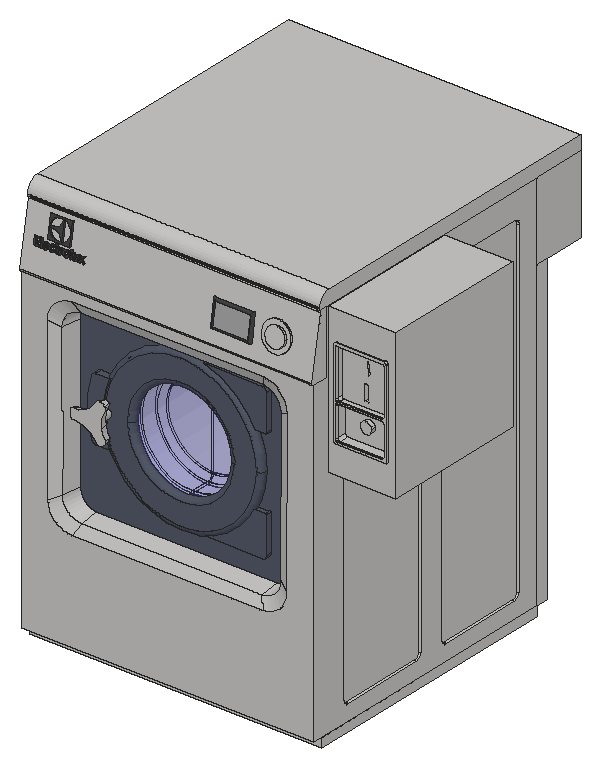
Revit family "Wh6-6", category Attrezzature speciali, Revit 2014
Parameters
  Show Logo [instance] = yes
  Show Clearance [instance] = yes
  Manufacturer = ""
  Model = ""
  Description = ""
Reference planes
  plane 1: z = 0
  plane 2 "BACK": y = 372.8
  plane 3 "FRONT": y = -306.9
  plane 4 "LEFT": x = -799
  plane 5 "RIGHT": x = -64
  plane 6 "TOP": z = 830.2
Forms (mm)
  Extrusion 1, solid, material "QF_Finishes_Stainless Steel"
    sketch origin (0, 0, 0) x (1, 0, 0) y (0, 1, 0)
      loop
        line (-799, 261.1) -> (-799, -286.9) -> (-204, -286.9) -> (-204, 261.1) -> (-799, 261.1)
    from 0 to 20
  Extrusion 2, solid, material "QF_Finishes_Stainless Steel"
    sketch origin (718.1, -398.1, 598.796) x (0, 0, -1) y (0, 1, 0)
      loop
        line (578.796, 659.2) -> (-201.404, 659.2) -> (-201.404, 122.184) -> (-73.404, 122.184) -> (-73.404, 91.2) -> (578.796, 91.2) -> (578.796, 659.2)
    from -1517.1 to -922.1
  Extrusion 3, solid, material "QF_Finishes_Stainless Steel"
    sketch origin (718.1, -413.1, 314.696) x (0, 0, -1) y (0, 1, 0)
      loop
        line (-485.504, 785.9) -> (-515.504, 785.9) -> (-515.504, 147.6)
        arc (-515.504, 147.6) -> (-508.182, 129.923) -> (-490.504, 122.6) r 25
        line (-490.504, 122.6) -> (-488.385, 122.6)
        arc (-488.385, 122.6) -> (-486.348, 123.444) -> (-485.504, 125.481) r 2.881
        line (-485.504, 125.481) -> (-485.504, 785.9)
    from -1517.1 to -922.1
  Extrusion 4, solid, material "QF_Finishes_Stainless Steel"
    sketch origin (718.1, -398.1, 598.796) x (0, 0, -1) y (0, 1, 0)
      loop
        line (-43.022, 659.2) -> (-43.022, 770.9) -> (-201.404, 770.9) -> (-201.404, 659.2) -> (-43.022, 659.2)
    from -1517.1 to -922.1
  Blend 5, solid, material "QF_Finishes_Stainless Steel"
    base sketch origin (655.734, 372.8, -65.972) x (0, 0, 1) y (1, 0, 0)
      loop
        circle (514, -1157.1) r 168
    top sketch origin (655.734, 372.8, -65.972) x (0, 0, 1) y (1, 0, 0)
      loop
        circle (514, -1157.1) r 93
    from -86.7 to -46.82
  Blend 6, void
    base sketch origin (1799, -398.1, 640.994) x (0, 0, -1) y (1, 0, 0)
      loop
        arc (17.312, -2485.479) -> (27.287, -2508.58) -> (50.413, -2518.496) r 34
        arc (50.413, -2518.496) -> (204.152, -2520.341) -> (357.882, -2517.867) r 5474
        arc (357.882, -2517.867) -> (380.921, -2507.903) -> (390.844, -2484.847) r 34
        arc (390.844, -2484.847) -> (393.46, -2300.5) -> (390.844, -2116.153) r 6496.247
        arc (390.844, -2116.153) -> (380.921, -2093.097) -> (357.882, -2083.133) r 34
        arc (357.882, -2083.133) -> (204.152, -2080.659) -> (50.413, -2082.504) r 5474
        arc (50.413, -2082.504) -> (27.287, -2092.42) -> (17.312, -2115.521) r 34
        arc (17.312, -2115.521) -> (14.669, -2300.5) -> (17.312, -2485.479) r 6474
    top sketch origin (1799, -398.1, 640.994) x (0, 0, -1) y (1, 0, 0)
      loop
        arc (11.708, -2485.254) -> (23.444, -2512.433) -> (50.653, -2524.1) r 40
        arc (50.653, -2524.1) -> (204.164, -2525.936) -> (357.666, -2523.471) r 5479.595
        arc (357.666, -2523.471) -> (384.773, -2511.748) -> (396.448, -2484.622) r 40
        arc (396.448, -2484.622) -> (399.055, -2300.5) -> (396.448, -2116.378) r 6501.842
        arc (396.448, -2116.378) -> (384.773, -2089.252) -> (357.666, -2077.529) r 40
        arc (357.666, -2077.529) -> (204.164, -2075.064) -> (50.653, -2076.9) r 5479.595
        arc (50.653, -2076.9) -> (23.444, -2088.567) -> (11.708, -2115.746) r 40
        arc (11.708, -2115.746) -> (9.074, -2300.5) -> (11.708, -2485.254) r 6479.595
    from -140.025 to -101.9
  Sweep 7, solid, material "QF_Finishes_Navy Blue"
    path origin (1799, -258.075, 640.994) x (0, 0, -1) y (1, 0, 0)
      loop
        circle (193.036, -2300.359) r 163.892
    profile origin (-665.252, -258.075, 447.958) x (0, -1, 0) y (1, 0, 0)
      loop
        arc (0, 1.34) -> (10, 1.34) -> (15, 10) r 10
        line (15, 10) -> (15, 55.1)
        arc (15, 55.1) -> (10, 63.76) -> (0, 63.76) r 10
        line (0, 63.76) -> (0, 1.34)
  Extrusion 8, void
    sketch origin (737.083, -398.1, 512.286) x (0, 0, -1) y (1, 0, 0)
      loop
        circle (64.327, -1238.437) r 157.984
    from -451.9 to -140.025
  Revolve 9, solid, material "QF_Finishes_Glass"
    sketch origin (-501.359, 0, -3.804) x (0, 1, 0) y (0, 0, 1)
      loop
        line (-258.075, 609.746) -> (-258.075, 569.065)
        arc (-258.075, 569.065) -> (-253.681, 558.458) -> (-243.075, 554.065) r 15
        line (-243.075, 554.065) -> (-203.798, 554.065)
        arc (-203.798, 554.065) -> (-196.727, 551.136) -> (-193.798, 544.065) r 10
        line (-193.798, 544.065) -> (-193.798, 451.762) -> (-188.798, 451.762) -> (-188.798, 544.065)
        arc (-188.798, 544.065) -> (-193.191, 554.672) -> (-203.798, 559.065) r 15
        line (-203.798, 559.065) -> (-243.075, 559.065)
        arc (-243.075, 559.065) -> (-250.146, 561.994) -> (-253.075, 569.065) r 10
        line (-253.075, 569.065) -> (-253.075, 609.746) -> (-258.075, 609.746)
      axis (-258.075, 451.762) -> (-188.798, 451.762)
    angle from 0 to 360
  Extrusion 10, solid, material "QF_Finishes_Navy Blue"
    sketch origin (1799, -398.1, 511.899) x (0, 0, 1) y (-1, 0, 0)
      loop
        arc (-138.662, 2129.17) -> (-137.249, 2129.757) -> (-136.663, 2131.17) r 2.001
        line (-136.663, 2131.17) -> (-136.665, 2160.109)
        arc (-136.665, 2160.109) -> (-193.941, 2210.588) -> (-220.858, 2282.03) r 157.984
        line (-220.858, 2282.03) -> (-220.845, 2137.124)
        arc (-220.845, 2137.124) -> (-218.488, 2131.494) -> (-212.847, 2129.164) r 8
        line (-212.847, 2129.164) -> (-138.662, 2129.17)
    from -140.025 to -130.025
  Extrusion 11, solid, material "QF_Finishes_Stainless Steel"
    sketch origin (774.256, -398.1, 512.339) x (0, 0, -1) y (1, 0, 0)
      loop
        circle (63.902, -1430.269) r 12
    from -125.025 to -106.2
  Blend 12, solid, material "QF_Finishes_Stainless Steel"
    base sketch origin (774.256, -398.1, 512.339) x (0, 0, -1) y (1, 0, 0)
      loop
        arc (50.22, -1447.259) -> (53.068, -1457.304) -> (53.866, -1467.714) r 52.31
        arc (53.866, -1467.714) -> (55.421, -1471.602) -> (59.133, -1473.541) r 6.031
        arc (59.133, -1473.541) -> (64.307, -1473.849) -> (69.48, -1473.542) r 43.662
        arc (69.48, -1473.542) -> (73.193, -1471.604) -> (74.749, -1467.716) r 6.031
        arc (74.749, -1467.716) -> (81.756, -1440.261) -> (102.032, -1420.469) r 52.396
        arc (102.032, -1420.469) -> (104.622, -1417.178) -> (104.444, -1412.994) r 6.031
        arc (104.444, -1412.994) -> (102.124, -1408.36) -> (99.272, -1404.033) r 43.662
        arc (99.272, -1404.033) -> (95.737, -1401.786) -> (91.592, -1402.383) r 6.031
        arc (91.592, -1402.383) -> (82.177, -1406.896) -> (72.053, -1409.45) r 52.31
        arc (72.053, -1409.45) -> (53.923, -1408.985) -> (37.034, -1402.379) r 52.491
        arc (37.034, -1402.379) -> (32.889, -1401.781) -> (29.354, -1404.027) r 6.031
        arc (29.354, -1404.027) -> (26.5, -1408.353) -> (24.18, -1412.987) r 43.662
        arc (24.18, -1412.987) -> (24.001, -1417.171) -> (26.591, -1420.463) r 6.031
        arc (26.591, -1420.463) -> (40.755, -1431.789) -> (50.22, -1447.259) r 52.491
    top sketch origin (774.256, -398.1, 512.339) x (0, 0, -1) y (1, 0, 0)
      loop
        arc (55.209, -1445.949) -> (58.579, -1457.755) -> (59.557, -1469.994) r 61.975
        arc (59.557, -1469.994) -> (64.361, -1470.277) -> (69.165, -1469.982) r 40.09
        arc (69.165, -1469.982) -> (77.404, -1437.725) -> (101.161, -1414.401) r 61.904
        arc (101.161, -1414.401) -> (99.031, -1410.145) -> (96.412, -1406.173) r 40.09
        arc (96.412, -1406.173) -> (85.323, -1411.444) -> (73.412, -1414.426) r 61.975
        arc (73.412, -1414.426) -> (52.094, -1413.883) -> (32.213, -1406.167) r 62.168
        arc (32.213, -1406.167) -> (29.593, -1410.139) -> (27.462, -1414.394) r 40.09
        arc (27.462, -1414.394) -> (34.62, -1419.011) -> (41.075, -1424.568) r 61.793
        arc (41.075, -1424.568) -> (49.253, -1434.524) -> (55.209, -1445.949) r 62.31
    from -91.2 to -106.2
  Blend 13, void
    base sketch origin (1799, -258.075, 640.994) x (0, 0, 1) y (1, 0, 0)
      loop
        arc (-40.17, -2544.974) -> (-5.739, -2530.172) -> (9.142, -2495.774) r 50.744
        arc (9.142, -2495.774) -> (12.075, -2300.5) -> (9.142, -2105.226) r 6500.744
        arc (9.142, -2105.226) -> (-5.739, -2070.828) -> (-40.17, -2056.026) r 50.744
        arc (-40.17, -2056.026) -> (-204.188, -2053.915) -> (-368.196, -2056.696) r 5500.744
        arc (-368.196, -2056.696) -> (-402.497, -2071.57) -> (-417.301, -2105.901) r 50.744
        arc (-417.301, -2105.901) -> (-420.204, -2300.5) -> (-417.301, -2495.099) r 6522.991
        arc (-417.301, -2495.099) -> (-402.497, -2529.43) -> (-368.196, -2544.304) r 50.744
        arc (-368.196, -2544.304) -> (-204.188, -2547.085) -> (-40.17, -2544.974) r 5500.744
    top sketch origin (1799, -258.075, 640.994) x (0, 0, 1) y (1, 0, 0)
      loop
        arc (-11.708, -2485.254) -> (-9.074, -2300.5) -> (-11.708, -2115.746) r 6479.595
        arc (-11.708, -2115.746) -> (-23.444, -2088.567) -> (-50.653, -2076.9) r 40
        arc (-50.653, -2076.9) -> (-204.164, -2075.064) -> (-357.666, -2077.529) r 5479.595
        arc (-357.666, -2077.529) -> (-384.773, -2089.252) -> (-396.448, -2116.378) r 40
        arc (-396.448, -2116.378) -> (-399.055, -2300.5) -> (-396.448, -2484.622) r 6501.842
        arc (-396.448, -2484.622) -> (-384.773, -2511.748) -> (-357.666, -2523.471) r 40
        arc (-357.666, -2523.471) -> (-204.164, -2525.936) -> (-50.653, -2524.1) r 5479.595
        arc (-50.653, -2524.1) -> (-23.444, -2512.433) -> (-11.708, -2485.254) r 40
    from -48.825 to -38.125
  Blend 14, void
    base sketch origin (-439, -182.75, 0) x (0, 1, 0) y (0, 0, 1)
      loop
        arc (-34.813, 747.751) -> (-44.621, 743.688) -> (-48.683, 733.881) r 13.87
        line (-48.683, 733.881) -> (-48.683, 64.954)
        arc (-48.683, 64.954) -> (-44.621, 55.147) -> (-34.813, 51.084) r 13.87
        line (-34.813, 51.084) -> (137.113, 51.084)
        arc (137.113, 51.084) -> (146.921, 55.147) -> (150.983, 64.954) r 13.87
        line (150.983, 64.954) -> (150.983, 733.881)
        arc (150.983, 733.881) -> (146.921, 743.688) -> (137.113, 747.751) r 13.87
        line (137.113, 747.751) -> (-34.813, 747.751)
    top sketch origin (-439, -182.75, 0) x (0, 1, 0) y (0, 0, 1)
      loop
        line (138.453, 745.351) -> (-36.153, 745.351)
        arc (-36.153, 745.351) -> (-43.316, 742.383) -> (-46.283, 735.22) r 10.13
        line (-46.283, 735.22) -> (-46.283, 63.615)
        arc (-46.283, 63.615) -> (-43.316, 56.452) -> (-36.153, 53.484) r 10.13
        line (-36.153, 53.484) -> (138.453, 53.484)
        arc (138.453, 53.484) -> (145.616, 56.452) -> (148.583, 63.615) r 10.13
        line (148.583, 63.615) -> (148.583, 735.22)
        arc (148.583, 735.22) -> (145.616, 742.383) -> (138.453, 745.351) r 10.13
    from -360 to -355
  Blend 15, void
    base sketch origin (-439, 66.75, 0) x (0, 1, 0) y (0, 0, 1)
      loop
        arc (-34.813, 747.751) -> (-44.621, 743.688) -> (-48.683, 733.881) r 13.87
        line (-48.683, 733.881) -> (-48.683, 64.954)
        arc (-48.683, 64.954) -> (-44.621, 55.147) -> (-34.813, 51.084) r 13.87
        line (-34.813, 51.084) -> (137.113, 51.084)
        arc (137.113, 51.084) -> (146.921, 55.147) -> (150.983, 64.954) r 13.87
        line (150.983, 64.954) -> (150.983, 733.881)
        arc (150.983, 733.881) -> (146.921, 743.688) -> (137.113, 747.751) r 13.87
        line (137.113, 747.751) -> (-34.813, 747.751)
    top sketch origin (-439, 66.75, 0) x (0, 1, 0) y (0, 0, 1)
      loop
        line (138.453, 745.351) -> (-36.153, 745.351)
        arc (-36.153, 745.351) -> (-43.316, 742.383) -> (-46.283, 735.22) r 10.13
        line (-46.283, 735.22) -> (-46.283, 63.615)
        arc (-46.283, 63.615) -> (-43.316, 56.452) -> (-36.153, 53.484) r 10.13
        line (-36.153, 53.484) -> (138.453, 53.484)
        arc (138.453, 53.484) -> (145.616, 56.452) -> (148.583, 63.615) r 10.13
        line (148.583, 63.615) -> (148.583, 735.22)
        arc (148.583, 735.22) -> (145.616, 742.383) -> (138.453, 745.351) r 10.13
    from -360 to -355
  Extrusion 16, solid, material "QF_Finishes_Stainless Steel"
    sketch origin (718.1, -398.1, 524.9) x (0, 0, -1) y (0, 1, 0)
      loop
        line (504.9, 659.2) -> (504.9, 684.2) -> (-116.918, 684.2) -> (-116.918, 659.2) -> (504.9, 659.2)
    from -1517.1 to -922.1
  Blend 17, void
    base sketch origin (-564, -182.75, 0) x (0, 1, 0) y (0, 0, -1)
      loop
        line (-34.813, -747.751) -> (137.113, -747.751)
        arc (137.113, -747.751) -> (146.921, -743.688) -> (150.983, -733.881) r 13.87
        line (150.983, -733.881) -> (150.983, -64.954)
        arc (150.983, -64.954) -> (146.921, -55.147) -> (137.113, -51.084) r 13.87
        line (137.113, -51.084) -> (-34.813, -51.084)
        arc (-34.813, -51.084) -> (-44.621, -55.147) -> (-48.683, -64.954) r 13.87
        line (-48.683, -64.954) -> (-48.683, -733.881)
        arc (-48.683, -733.881) -> (-44.621, -743.688) -> (-34.813, -747.751) r 13.87
    top sketch origin (-564, -182.75, 0) x (0, 1, 0) y (0, 0, -1)
      loop
        arc (138.453, -745.351) -> (145.616, -742.383) -> (148.583, -735.22) r 10.13
        line (148.583, -735.22) -> (148.583, -63.615)
        arc (148.583, -63.615) -> (145.616, -56.452) -> (138.453, -53.484) r 10.13
        line (138.453, -53.484) -> (-36.153, -53.484)
        arc (-36.153, -53.484) -> (-43.316, -56.452) -> (-46.283, -63.615) r 10.13
        line (-46.283, -63.615) -> (-46.283, -735.22)
        arc (-46.283, -735.22) -> (-43.316, -742.383) -> (-36.153, -745.351) r 10.13
        line (-36.153, -745.351) -> (138.453, -745.351)
    from -360 to -355
  Blend 18, void
    base sketch origin (-564, 66.75, 0) x (0, 1, 0) y (0, 0, -1)
      loop
        line (-34.813, -747.751) -> (137.113, -747.751)
        arc (137.113, -747.751) -> (146.921, -743.688) -> (150.983, -733.881) r 13.87
        line (150.983, -733.881) -> (150.983, -64.954)
        arc (150.983, -64.954) -> (146.921, -55.147) -> (137.113, -51.084) r 13.87
        line (137.113, -51.084) -> (-34.813, -51.084)
        arc (-34.813, -51.084) -> (-44.621, -55.147) -> (-48.683, -64.954) r 13.87
        line (-48.683, -64.954) -> (-48.683, -733.881)
        arc (-48.683, -733.881) -> (-44.621, -743.688) -> (-34.813, -747.751) r 13.87
    top sketch origin (-564, 66.75, 0) x (0, 1, 0) y (0, 0, -1)
      loop
        arc (138.453, -745.351) -> (145.616, -742.383) -> (148.583, -735.22) r 10.13
        line (148.583, -735.22) -> (148.583, -63.615)
        arc (148.583, -63.615) -> (145.616, -56.452) -> (138.453, -53.484) r 10.13
        line (138.453, -53.484) -> (-36.153, -53.484)
        arc (-36.153, -53.484) -> (-43.316, -56.452) -> (-46.283, -63.615) r 10.13
        line (-46.283, -63.615) -> (-46.283, -735.22)
        arc (-46.283, -735.22) -> (-43.316, -742.383) -> (-36.153, -745.351) r 10.13
        line (-36.153, -745.351) -> (138.453, -745.351)
    from -360 to -355
  Extrusion 19, solid, material "QF_Finishes_Navy Blue"
    sketch origin (1799, -398.1, 384.158) x (0, 0, -1) y (1, 0, 0)
      loop
        line (-138.662, -2129.17) -> (-212.847, -2129.164)
        arc (-212.847, -2129.164) -> (-218.488, -2131.494) -> (-220.845, -2137.124) r 8
        line (-220.845, -2137.124) -> (-220.858, -2282.03)
        arc (-220.858, -2282.03) -> (-193.941, -2210.588) -> (-136.665, -2160.109) r 157.984
        line (-136.665, -2160.109) -> (-136.663, -2131.17)
        arc (-136.663, -2131.17) -> (-137.249, -2129.757) -> (-138.662, -2129.17) r 2.001
    from -140.025 to -130.025
  Extrusion 20, solid, material "QF_Finishes_Navy Blue"
    sketch origin (1471.204, -398.1, 618.971) x (0, 0, 1) y (-1, 0, 0)
      loop
        line (-106.047, 2116.572) -> (-106.047, 2145.048)
        arc (-106.047, 2145.048) -> (-107.973, 2150.949) -> (-113.011, 2154.576) r 10
        arc (-113.011, 2154.576) -> (-170.922, 2163.594) -> (-228.842, 2154.631) r 191.031
        arc (-228.842, 2154.631) -> (-233.885, 2151.004) -> (-235.815, 2145.1) r 10
        line (-235.815, 2145.1) -> (-235.815, 2116.645)
        arc (-235.815, 2116.645) -> (-170.923, 2130.547) -> (-106.047, 2116.572) r 157.984
    from -140.025 to -125.025
  Sweep 21, solid, material "QF_Finishes_Black"
    path origin (-1296.196, -327.051, 581.834) x (0, 0.173648, 0.984808) y (-1, 0, 0)
      loop
        line (121.52, -965.009) -> (176.52, -965.009) -> (176.52, -882.261) -> (121.52, -882.261) -> (121.52, -965.009)
    profile origin (-331.187, -301.174, 728.59) x (-1, 0, 0) y (0, -0.984808, 0.173648)
      loop
        line (5, 0) -> (5, 5)
        arc (5, 5) -> (1.464, 3.536) -> (0, 0) r 5
        line (0, 0) -> (5, 0)
  Extrusion 22, solid, material "QF_Finishes_Dark Grey"
    sketch origin (-479, -310.318, 676.73) x (0, 0.173648, 0.984808) y (-1, 0, 0)
      loop
        line (30.16, -70.065) -> (30.16, -142.813) -> (75.16, -142.813) -> (75.16, -70.065) -> (30.16, -70.065)
    from 0 to 4
  Extrusion 23, solid, material "QF_Finishes_Stainless Steel"
    sketch origin (-499, 119.935, -217.376) x (0, 1, 0) y (0, 0, 1)
      loop
        line (-395.851, 889.576) -> (-395.851, 1017.576) -> (-404.286, 1017.576)
        arc (-404.286, 1017.576) -> (-407.5, 1016.406) -> (-409.21, 1013.444) r 5
        line (-409.21, 1013.444) -> (-430.43, 893.097)
        arc (-430.43, 893.097) -> (-429.774, 890.648) -> (-427.476, 889.576) r 3
        line (-427.476, 889.576) -> (-395.851, 889.576)
    from -300 to 295
  Extrusion 24, solid, material "QF_Finishes_Stainless Steel"
    sketch origin (-499, -310.439, 676.042) x (0, 0.173648, 0.984808) y (-1, 0, 0)
      loop
        circle (55.088, -215.558) r 30
      loop
        circle (55.088, -215.558) r 20
    from 0 to 1.6
  Extrusion 25, solid, material "QF_Finishes_Stainless Steel"
    sketch origin (-499, -310.439, 676.042) x (0, 0.173648, 0.984808) y (-1, 0, 0)
      loop
        circle (55.088, -215.558) r 20
    from 0 to 4.981
  Extrusion 26, solid, material "QF_Finishes_Stainless Steel"
    sketch origin (780, 0, 0) x (1, 0, 0) y (0, 1, 0)
      loop
        line (-984, 25.1) -> (-984, -271.9) -> (-844, -271.9) -> (-844, 25.1) -> (-984, 25.1)
    from 498.5 to 800.2
  Extrusion 27, solid, material "QF_Finishes_Stainless Steel"
    sketch origin (898.9, -271.9, 0.634) x (-1, 0, 0) y (0, 0, -1)
      loop
        arc (1081.4, -741.38) -> (1084.936, -739.916) -> (1086.4, -736.381) r 5
        line (1086.4, -736.381) -> (1086.429, -562.431)
        arc (1086.429, -562.431) -> (1084.965, -558.895) -> (1081.429, -557.43) r 5
        line (1081.429, -557.43) -> (979.37, -557.43) -> (979.4, -736.381)
        arc (979.4, -736.381) -> (980.864, -739.916) -> (984.4, -741.38) r 5
        line (984.4, -741.38) -> (1081.4, -741.38)
      loop
        line (988.381, -632.438) -> (1077.419, -632.438)
        arc (1077.419, -632.438) -> (1080.954, -630.974) -> (1082.419, -627.439) r 5
        line (1082.419, -627.439) -> (1082.429, -566.431)
        arc (1082.429, -566.431) -> (1080.965, -562.895) -> (1077.429, -561.43) r 5
        line (1077.429, -561.43) -> (988.371, -561.43)
        arc (988.371, -561.43) -> (984.835, -562.895) -> (983.371, -566.431) r 5
        line (983.371, -566.431) -> (983.381, -627.439)
        arc (983.381, -627.439) -> (984.846, -630.974) -> (988.381, -632.438) r 5
      loop
        line (1077.417, -634.93) -> (988.383, -634.93)
        arc (988.383, -634.93) -> (984.848, -636.395) -> (983.383, -639.931) r 5
        line (983.383, -639.931) -> (983.399, -732.381)
        arc (983.399, -732.381) -> (984.864, -735.916) -> (988.399, -737.38) r 5
        line (988.399, -737.38) -> (1080.401, -737.38)
        arc (1080.401, -737.38) -> (1081.815, -736.795) -> (1082.401, -735.381) r 2
        line (1082.401, -735.381) -> (1082.417, -639.931)
        arc (1082.417, -639.931) -> (1080.952, -636.395) -> (1077.417, -634.93) r 5
    from 0 to 4.016
  Extrusion 28, void
    sketch origin (701, -271.9, 0) x (1, 0, 0) y (0, 0, -1)
      loop
        arc (-884.501, -736.015) -> (-883.915, -737.429) -> (-882.501, -738.014) r 2
        line (-882.501, -738.014) -> (-790.499, -738.014)
        arc (-790.499, -738.014) -> (-786.964, -736.55) -> (-785.499, -733.015) r 5
        line (-785.499, -733.015) -> (-785.483, -640.565)
        arc (-785.483, -640.565) -> (-786.948, -637.029) -> (-790.483, -635.564) r 5
        line (-790.483, -635.564) -> (-879.517, -635.564)
        arc (-879.517, -635.564) -> (-883.052, -637.029) -> (-884.517, -640.565) r 5
        line (-884.517, -640.565) -> (-884.501, -736.015)
    from 0 to 10
  Extrusion 29, void
    sketch origin (701, -271.9, 0) x (1, 0, 0) y (0, 0, -1)
      loop
        arc (-884.519, -628.073) -> (-883.054, -631.608) -> (-879.519, -633.072) r 5
        line (-879.519, -633.072) -> (-790.481, -633.072)
        arc (-790.481, -633.072) -> (-786.946, -631.608) -> (-785.481, -628.073) r 5
        line (-785.481, -628.073) -> (-785.471, -567.065)
        arc (-785.471, -567.065) -> (-786.935, -563.529) -> (-790.471, -562.064) r 5
        line (-790.471, -562.064) -> (-879.529, -562.064)
        arc (-879.529, -562.064) -> (-883.065, -563.529) -> (-884.529, -567.065) r 5
        line (-884.529, -567.065) -> (-884.519, -628.073)
    from 0 to 20
  Extrusion 30, solid, material "QF_Finishes_Stainless Steel"
    sketch origin (701, -251.9, 0) x (-1, 0, 0) y (0, 0, -1)
      loop
        circle (835, -597.664) r 11.5
    from 0 to 8
  Extrusion 31, void
    sketch origin (701, -271.9, 0) x (1, 0, 0) y (0, 0, -1)
      loop
        line (-827.656, -695.495) -> (-831.18, -722.264) -> (-828.9, -722.564) -> (-825.376, -695.795) -> (-827.656, -695.495)
      loop
        line (-835.811, -646.856) -> (-837.355, -676.315)
        arc (-837.355, -676.315) -> (-833.569, -680.519) -> (-829.365, -676.734) r 4
        line (-829.365, -676.734) -> (-827.822, -647.274) -> (-835.811, -646.856)
    from 22.657 to 10
  Revolve 32, solid, material "QF_Door-Drawer Clearances", visible <- "Show Clearance", detail levels coarse
    sketch origin (-1732.685, -274.5, 4000) x (-1, 0, 0) y (0, 0, 1)
      loop
        circle (-1231.319, -3551.972) r 163.386
      axis (-1403.685, -3551.972) -> (-1403.685, -3550.972)
    angle from 0 to 90
  Extrusion 33, solid, material "QF_Finishes_Stainless Steel"
    sketch origin (-148.213, 33.843, 641.818) x (1, 0, 0) y (0, -1, 0)
      loop
        circle (-566.987, -276.757) r 13.9
      loop
        circle (-456.987, -276.757) r 13.9
      loop
        circle (-104.587, -286.357) r 13.9
    from 0 to 5
  Extrusion 34, solid, material "QF_Finishes_Stainless Steel"
    sketch origin (508.137, 286.1, -61.225) x (0, 0, 1) y (1, 0, 0)
      loop
        circle (127.125, -789.637) r 30
    from 0 to 5
Cuts and joins
  Blend 6, Extrusion 8, Blend 13, Blend 14, Blend 15, Blend 17, Blend 18 cuts Extrusion 2
  Blend 13 cuts Sweep 7
  Blend 13 cuts Extrusion 10
  joined: Sweep 7, Extrusion 10, Extrusion 19, Extrusion 20
  Blend 13 cuts Revolve 9
  joined: Extrusion 11, Blend 12
  Extrusion 28, Extrusion 29, Extrusion 31 cuts Extrusion 26
Lines and regions (mm)
  Split face 1
    outline origin (-499, -310.439, 676.042) x (0, 0.173648, 0.984808) y (-1, 0, 0)
      loop
        arc (118.887, 71.684) -> (117.325, 75.454) -> (113.555, 77.016) r 5.331
        line (113.555, 77.016) -> (16.813, 77.016)
        arc (16.813, 77.016) -> (12.926, 75.406) -> (11.315, 71.518) r 5.497
        line (11.315, 71.518) -> (11.315, -282.223)
        arc (11.315, -282.223) -> (12.926, -286.11) -> (16.813, -287.72) r 5.497
        line (16.813, -287.72) -> (113.389, -287.72)
        arc (113.389, -287.72) -> (117.277, -286.11) -> (118.887, -282.223) r 5.497
        line (118.887, -282.223) -> (118.887, 71.684)
  Split face 2
    outline origin (-499, -310.439, 676.042) x (0, 0.173648, 0.984808) y (-1, 0, 0)
      loop
        line (88.598, -287.72) -> (88.598, -37.647)
        arc (88.598, -37.647) -> (86.314, -26.166) -> (79.811, -16.433) r 30
        line (79.811, -16.433) -> (15.487, 46.221)
        arc (15.487, 46.221) -> (13.825, 46.834) -> (12.257, 46.009) r 2.178
        arc (12.257, 46.009) -> (11.558, 44.731) -> (11.315, 43.294) r 4.384
  Split face 3
    outline origin (-499, -310.439, 676.042) x (0, 0.173648, 0.984808) y (-1, 0, 0)
      loop
        line (93.598, -287.72) -> (93.598, -37.647)
        arc (93.598, -37.647) -> (90.934, -24.253) -> (83.347, -12.898) r 35
        line (83.347, -12.898) -> (48.219, 22.23)
        arc (48.219, 22.23) -> (42.799, 30.341) -> (40.896, 39.908) r 25
        line (40.896, 39.908) -> (40.896, 74.86) -> (47.896, 74.86) -> (47.896, 53.33)
        arc (47.896, 53.33) -> (49.654, 44.494) -> (54.659, 37.004) r 23.088
        line (54.659, 37.004) -> (93.953, -2.291)
        arc (93.953, -2.291) -> (104.792, -18.512) -> (108.598, -37.647) r 50
        line (108.598, -37.647) -> (108.598, -287.72)
  Split face 4
    outline origin (-499, -310.439, 676.042) x (0, 0.173648, 0.984808) y (-1, 0, 0)
      loop
        line (40.896, 292.016) -> (40.896, 81.524) -> (47.896, 81.524) -> (47.896, 292.016) -> (40.896, 292.016)
  symbolic lines
    curve 1: line (-799, -306.9, 830.2) -> (-204, -306.9, 830.2)
    curve 2: line (-204, 372.8, 0) -> (-204, -306.9, 0)
    curve 3: line (-799, 372.8, 0) -> (-799, -306.9, 0)
    curve 5: line (-204, 372.8, 830.2) -> (-799, 372.8, 830.2)
    curve 6: line (-799, -275.916, 830.2) -> (-204, -275.916, 830.2)
    curve 8: line (-204, 25.1, 0) -> (-64, 25.1, 0)
    curve 9: line (-64, 25.1, 0) -> (-64, -271.9, 0)
    curve 10: line (-64, -271.9, 0) -> (-204, -271.9, 0)
  symbolic lines, style "QF_Door-Drawer Clearances", visible <- "Show Clearance"
    curve 4: line (-329, -610.277, 0) -> (-329, -306.9, 0)
  symbolic lines, style "QF_Door-Drawer Clearances"
    curve 7: arc (-662.939, -306.9, 0) -> (-555.017, -523.584, 0) -> (-329, -610.277, 0) r 333.662
Dimensions and locks
  plane 4 "LEFT" to plane 5 "RIGHT" = 735 mm
  plane 2 "BACK" to plane 3 "FRONT" = 679.7 mm
  plane 6 "TOP" to level = 830.2 mm
  Extrusion 26 to level = 498.5 mm
  plane 2 "BACK" to Extrusion 33 sketch curve = 62.2 mm  (x2)
  plane 4 "LEFT" to Extrusion 33 sketch curve = 83.8 mm
  plane 4 "LEFT" to Extrusion 33 sketch curve = 193.8 mm
  Extrusion 33 sketch curve to Extrusion 3 = 48.8 mm
  plane 2 "BACK" to Extrusion 33 sketch curve = 52.6 mm
  level to Extrusion 34 sketch curve = 65.9 mm
  Extrusion 16 to Extrusion 34 sketch curve = 77.5 mm
  aligned and locked: level to plane 1
  aligned and locked: Extrusion 2 to plane 4 "LEFT"
  aligned and locked: Extrusion 3 to plane 4 "LEFT"
  aligned and locked: Extrusion 4 to plane 4 "LEFT"
Nested families
  nested 1: "ELX_Logo_S_New" at (-741, -300.876, 730.277) x (1, 0, 0) z (0, -0.9848, 0.1736), visible <- "Show Logo", type "ELX_Logo_S_New"
    with Material QF_Finishes_Black
  nested 2: "ELX_Logo_Symbol_S" at (-721, -293.334, 773.051) x (-1, 0, 0) z (0, -0.9848, 0.1736), visible <- "Show Logo", type "ELX_Logo_Symbol_S"
    with Material QF_Finishes_Black
Connectors
  piping at (-605.2, 310.6, 636.818), diameter 27.8
    settings: on Extrusion 33, index 1, connector inside diameter 609.6 mm, connector length 0 mm, flow factor 0, pipe flow 0.0 L/s, pressure drop 0.0 Pa, fitting loss kfactor 0, connector angle 0.00°, fixture units 0, engagement length 0 mm, angle of deflection 0.00°, flow configuration 1, flow direction 1, fitting loss method 0, system type 19, joint type 0, gender type 0, connector reference index -1, connector utility 0, adjustable connector no, is connector primary yes, connector description "Hot Water Inlet"
  piping at (-715.2, 310.6, 636.818), diameter 27.8
    settings: on Extrusion 33, index 2, connector inside diameter 609.6 mm, connector length 0 mm, flow factor 0, pipe flow 0.0 L/s, pressure drop 0.0 Pa, fitting loss kfactor 0, connector angle 0.00°, fixture units 0, engagement length 0 mm, angle of deflection 0.00°, flow configuration 1, flow direction 1, fitting loss method 0, system type 20, joint type 0, gender type 0, connector reference index -1, connector utility 0, adjustable connector no, is connector primary no, connector description "Cold Water Inlet"
  electrical at (-252.8, 320.2, 636.818)
    settings: on Extrusion 33, index 3, voltage 0 V, apparent load 0 VA, apparent load phase1 0 VA, apparent load phase2 0 VA, apparent load phase3 0 VA, power factor 1, load classification "Altro", number of poles 1, system type 30, power factor state 1, is connector primary yes, connector utility no, sub classification motor no, connector description "Electrical Connection"
  piping at (-281.5, 291.1, 65.9), diameter 60
    settings: on Extrusion 34, index 4, connector inside diameter 609.6 mm, connector length 0 mm, flow factor 0, pipe flow 0.0 L/s, pressure drop 0.0 Pa, fitting loss kfactor 0, connector angle 0.00°, fixture units 0, engagement length 0 mm, angle of deflection 0.00°, flow configuration 1, flow direction 2, fitting loss method 0, system type 16, joint type 0, gender type 0, connector reference index -1, connector utility 0, adjustable connector no, is connector primary no, connector description "Drain"
Definition of nested family "ELX_Logo_S_New"
  Parameters (values of type "ELX_Logo_S_New")
    Material [instance] = QF_Finishes_Gray
    Default Elevation = 0 mm
  Reference planes
    plane 1 "Centro (Fronte/Retro)": y = 0
    plane 2: z = 0
    plane 3 "Centro (Sinistra/Destra)": x = 0
  Forms (mm)
    Extrusion 1, solid
      sketch origin (0, 0, 0) x (1, 0, 0) y (0, 1, 0)
        loop
          line (-1219.2, 1219.2) -> (-1219.2, -1219.2) -> (1219.2, -1219.2) -> (1219.2, 1219.2) -> (-1219.2, 1219.2)
      from 0 to -304.8
    Extrusion 2, solid, material "QF_Finishes_Gray" <- "Material"
      sketch origin (0, 0, 0) x (1, 0, 0) y (0, 1, 0)
        loop
          spline (-31.006, -2.781) -> (-31.24, -2.771) -> (-31.49, -2.739) -> (-31.748, -2.68) -> (-32.009, -2.591) -> (-32.264, -2.469) -> (-32.508, -2.308) -> (-32.732, -2.105) -> (-32.932, -1.857) -> (-33.099, -1.559) -> (-33.226, -1.207) -> (-33.308, -0.798) -> (-33.337, -0.327)
          line (-33.337, -0.327) -> (-33.337, 1.761) -> (-26.444, 1.761) -> (-26.444, 4.423) -> (-33.338, 4.423) -> (-33.338, 8.299) -> (-26.005, 8.299) -> (-26.005, 10.954) -> (-36.159, 10.954) -> (-36.159, -0.206)
          spline (-36.159, -0.206) -> (-36.134, -0.893) -> (-36.057, -1.54) -> (-35.927, -2.145) -> (-35.743, -2.707) -> (-35.503, -3.222) -> (-35.206, -3.689) -> (-34.85, -4.106) -> (-34.433, -4.47) -> (-33.955, -4.779) -> (-33.414, -5.031) -> (-32.809, -5.223) -> (-32.137, -5.354)
          line (-32.137, -5.354) -> (-31.029, -5.433) -> (-25.809, -5.433) -> (-25.809, -2.781) -> (-31.006, -2.781)
        loop
          line (-23.804, 3.211) -> (-23.804, -5.437) -> (-20.982, -5.437) -> (-20.982, 10.958) -> (-23.804, 10.958) -> (-23.804, 3.211)
        loop
          spline (-7.052, -0.2) -> (-7.034, 0.688) -> (-7.119, 1.546) -> (-7.304, 2.368) -> (-7.586, 3.144) -> (-7.962, 3.868) -> (-8.426, 4.531) -> (-8.977, 5.126) -> (-9.61, 5.644) -> (-10.321, 6.077) -> (-11.107, 6.419) -> (-11.964, 6.66) -> (-12.889, 6.793)
          spline (-12.889, 6.793) -> (-13.767, 6.742) -> (-14.602, 6.592) -> (-15.387, 6.346) -> (-16.116, 6.008) -> (-16.782, 5.583) -> (-17.379, 5.073) -> (-17.902, 4.483) -> (-18.343, 3.816) -> (-18.697, 3.077) -> (-18.958, 2.269) -> (-19.119, 1.395) -> (-19.174, 0.46)
          spline (-19.174, 0.46) -> (-19.121, -0.452) -> (-18.964, -1.304) -> (-18.71, -2.094) -> (-18.362, -2.816) -> (-17.926, -3.468) -> (-17.406, -4.045) -> (-16.808, -4.544) -> (-16.137, -4.96) -> (-15.397, -5.291) -> (-14.594, -5.532) -> (-13.733, -5.679) -> (-12.817, -5.729)
          spline (-12.817, -5.729) -> (-12.371, -5.719) -> (-11.93, -5.685) -> (-11.493, -5.626) -> (-11.062, -5.54) -> (-10.636, -5.425) -> (-10.216, -5.277) -> (-9.8, -5.096) -> (-9.391, -4.879) -> (-8.987, -4.623) -> (-8.588, -4.326) -> (-8.196, -3.987) -> (-7.809, -3.603)
          line (-7.809, -3.603) -> (-9.51, -1.949)
          spline (-9.51, -1.949) -> (-9.734, -2.164) -> (-9.959, -2.362) -> (-10.188, -2.542) -> (-10.422, -2.703) -> (-10.662, -2.846) -> (-10.913, -2.971) -> (-11.174, -3.077) -> (-11.449, -3.163) -> (-11.739, -3.231) -> (-12.047, -3.28) -> (-12.374, -3.309) -> (-12.723, -3.319)
          spline (-12.723, -3.319) -> (-13.234, -3.294) -> (-13.713, -3.219) -> (-14.158, -3.098) -> (-14.568, -2.931) -> (-14.94, -2.72) -> (-15.272, -2.469) -> (-15.562, -2.177) -> (-15.809, -1.849) -> (-16.009, -1.485) -> (-16.162, -1.088) -> (-16.264, -0.659) -> (-16.314, -0.2)
          line (-16.314, -0.2) -> (-7.052, -0.2)
        loop
          spline (-9.888, 1.784) -> (-9.915, 2.133) -> (-9.995, 2.469) -> (-10.124, 2.788) -> (-10.298, 3.088) -> (-10.514, 3.365) -> (-10.768, 3.615) -> (-11.056, 3.836) -> (-11.376, 4.024) -> (-11.722, 4.176) -> (-12.092, 4.289) -> (-12.482, 4.359) -> (-12.889, 4.383)
          spline (-12.889, 4.383) -> (-13.325, 4.36) -> (-13.744, 4.291) -> (-14.144, 4.18) -> (-14.52, 4.03) -> (-14.868, 3.844) -> (-15.186, 3.624) -> (-15.469, 3.375) -> (-15.715, 3.099) -> (-15.919, 2.798) -> (-16.077, 2.477) -> (-16.186, 2.138) -> (-16.243, 1.784)
          line (-16.243, 1.784) -> (-9.888, 1.784)
        loop
          spline (-2.737, 0.532) -> (-2.704, 1.057) -> (-2.61, 1.555) -> (-2.457, 2.022) -> (-2.249, 2.455) -> (-1.991, 2.851) -> (-1.685, 3.205) -> (-1.336, 3.514) -> (-0.948, 3.775) -> (-0.524, 3.984) -> (-0.067, 4.138) -> (0.417, 4.233) -> (0.926, 4.265)
          spline (0.926, 4.265) -> (1.238, 4.255) -> (1.537, 4.226) -> (1.824, 4.178) -> (2.098, 4.112) -> (2.362, 4.027) -> (2.615, 3.925) -> (2.858, 3.806) -> (3.093, 3.67) -> (3.318, 3.518) -> (3.536, 3.349) -> (3.746, 3.165) -> (3.95, 2.966)
          line (3.95, 2.966) -> (5.699, 4.785)
          spline (5.699, 4.785) -> (5.351, 5.133) -> (4.992, 5.446) -> (4.624, 5.724) -> (4.246, 5.969) -> (3.859, 6.181) -> (3.463, 6.362) -> (3.059, 6.512) -> (2.646, 6.633) -> (2.226, 6.725) -> (1.8, 6.79) -> (1.366, 6.828) -> (0.926, 6.841)
          spline (0.926, 6.841) -> (0.044, 6.786) -> (-0.801, 6.626) -> (-1.601, 6.367) -> (-2.349, 6.014) -> (-3.037, 5.573) -> (-3.658, 5.051) -> (-4.204, 4.453) -> (-4.668, 3.785) -> (-5.041, 3.053) -> (-5.318, 2.263) -> (-5.489, 1.421) -> (-5.548, 0.532)
          spline (-5.548, 0.532) -> (-5.489, -0.357) -> (-5.318, -1.199) -> (-5.041, -1.989) -> (-4.668, -2.721) -> (-4.204, -3.389) -> (-3.658, -3.987) -> (-3.037, -4.509) -> (-2.349, -4.95) -> (-1.601, -5.303) -> (-0.801, -5.562) -> (0.044, -5.722) -> (0.926, -5.777)
          spline (0.926, -5.777) -> (1.366, -5.764) -> (1.8, -5.726) -> (2.226, -5.662) -> (2.646, -5.569) -> (3.059, -5.449) -> (3.463, -5.298) -> (3.859, -5.117) -> (4.246, -4.905) -> (4.624, -4.66) -> (4.992, -4.382) -> (5.351, -4.069) -> (5.699, -3.721)
          line (5.699, -3.721) -> (3.95, -1.902)
          spline (3.95, -1.902) -> (3.746, -2.101) -> (3.536, -2.285) -> (3.318, -2.453) -> (3.093, -2.606) -> (2.858, -2.742) -> (2.615, -2.861) -> (2.362, -2.964) -> (2.098, -3.048) -> (1.824, -3.114) -> (1.537, -3.162) -> (1.238, -3.191) -> (0.926, -3.201)
          spline (0.926, -3.201) -> (0.417, -3.169) -> (-0.067, -3.074) -> (-0.524, -2.92) -> (-0.948, -2.711) -> (-1.336, -2.45) -> (-1.685, -2.141) -> (-1.991, -1.787) -> (-2.249, -1.391) -> (-2.457, -0.958) -> (-2.61, -0.491) -> (-2.704, 0.007) -> (-2.737, 0.532)
        loop
          spline (12.895, -2.785) -> (12.646, -2.789) -> (12.379, -2.77) -> (12.102, -2.724) -> (11.82, -2.646) -> (11.542, -2.531) -> (11.274, -2.376) -> (11.024, -2.175) -> (10.797, -1.924) -> (10.602, -1.618) -> (10.445, -1.253) -> (10.334, -0.824) -> (10.275, -0.327)
          line (10.275, -0.327) -> (10.275, 3.855) -> (12.842, 3.855) -> (12.842, 6.419) -> (10.278, 6.419) -> (10.278, 10.958) -> (7.456, 10.958) -> (7.456, -0.488)
          spline (7.456, -0.488) -> (7.516, -1.152) -> (7.626, -1.776) -> (7.785, -2.359) -> (7.996, -2.899) -> (8.26, -3.392) -> (8.577, -3.837) -> (8.951, -4.232) -> (9.38, -4.575) -> (9.868, -4.864) -> (10.415, -5.096) -> (11.023, -5.27) -> (11.693, -5.383)
          line (11.693, -5.383) -> (12.885, -5.437) -> (12.895, -2.785)
        loop
          spline (22.391, 6.583) -> (21.903, 6.613) -> (21.433, 6.605) -> (20.982, 6.558) -> (20.553, 6.476) -> (20.145, 6.358) -> (19.76, 6.207) -> (19.401, 6.022) -> (19.067, 5.807) -> (18.76, 5.561) -> (18.482, 5.286) -> (18.234, 4.984) -> (18.016, 4.655)
          line (18.016, 4.655) -> (18.016, 6.418) -> (15.217, 6.418) -> (15.217, -5.437) -> (18.016, -5.437) -> (18.016, 0.797)
          spline (18.016, 0.797) -> (18.042, 1.269) -> (18.118, 1.71) -> (18.242, 2.117) -> (18.412, 2.488) -> (18.627, 2.822) -> (18.884, 3.117) -> (19.182, 3.371) -> (19.518, 3.583) -> (19.892, 3.751) -> (20.3, 3.873) -> (20.742, 3.947) -> (21.215, 3.972)
          line (21.215, 3.972) -> (22.391, 3.855) -> (22.391, 6.583)
        loop
          spline (35.761, 0.49) -> (35.702, 1.36) -> (35.53, 2.189) -> (35.253, 2.971) -> (34.878, 3.698) -> (34.414, 4.364) -> (33.867, 4.963) -> (33.246, 5.488) -> (32.558, 5.932) -> (31.811, 6.289) -> (31.013, 6.552) -> (30.171, 6.715) -> (29.293, 6.771)
          spline (29.293, 6.771) -> (28.409, 6.715) -> (27.564, 6.552) -> (26.763, 6.289) -> (26.016, 5.932) -> (25.328, 5.488) -> (24.708, 4.963) -> (24.163, 4.364) -> (23.701, 3.698) -> (23.328, 2.971) -> (23.053, 2.189) -> (22.882, 1.36) -> (22.823, 0.49)
          spline (22.823, 0.49) -> (22.882, -0.379) -> (23.053, -1.208) -> (23.328, -1.989) -> (23.701, -2.716) -> (24.163, -3.382) -> (24.708, -3.981) -> (25.328, -4.506) -> (26.016, -4.951) -> (26.763, -5.308) -> (27.564, -5.571) -> (28.409, -5.734) -> (29.293, -5.79)
          spline (29.293, -5.79) -> (30.171, -5.734) -> (31.013, -5.571) -> (31.811, -5.308) -> (32.558, -4.951) -> (33.246, -4.506) -> (33.867, -3.981) -> (34.414, -3.382) -> (34.878, -2.716) -> (35.253, -1.989) -> (35.53, -1.208) -> (35.702, -0.379) -> (35.761, 0.49)
        loop
          spline (32.961, 0.49) -> (32.929, 1.004) -> (32.833, 1.493) -> (32.679, 1.955) -> (32.47, 2.385) -> (32.21, 2.779) -> (31.903, 3.134) -> (31.553, 3.445) -> (31.164, 3.709) -> (30.739, 3.921) -> (30.283, 4.077) -> (29.8, 4.174) -> (29.293, 4.207)
          spline (29.293, 4.207) -> (28.781, 4.174) -> (28.294, 4.077) -> (27.836, 3.921) -> (27.411, 3.709) -> (27.022, 3.445) -> (26.673, 3.134) -> (26.368, 2.779) -> (26.11, 2.385) -> (25.903, 1.955) -> (25.75, 1.493) -> (25.656, 1.004) -> (25.624, 0.49)
          spline (25.624, 0.49) -> (25.656, -0.022) -> (25.75, -0.512) -> (25.903, -0.973) -> (26.11, -1.403) -> (26.368, -1.798) -> (26.673, -2.153) -> (27.022, -2.464) -> (27.411, -2.728) -> (27.836, -2.94) -> (28.294, -3.096) -> (28.781, -3.193) -> (29.293, -3.226)
          spline (29.293, -3.226) -> (29.8, -3.193) -> (30.283, -3.096) -> (30.739, -2.94) -> (31.164, -2.728) -> (31.553, -2.464) -> (31.903, -2.153) -> (32.21, -1.798) -> (32.47, -1.403) -> (32.679, -0.973) -> (32.833, -0.512) -> (32.929, -0.022) -> (32.961, 0.49)
        loop
          line (37.497, 3.493) -> (37.497, -5.437) -> (40.321, -5.437) -> (40.321, 10.958) -> (37.497, 10.958) -> (37.497, 3.493)
        loop
          line (50.501, 6.418) -> (50.501, -0.473)
          spline (50.501, -0.473) -> (50.478, -0.921) -> (50.412, -1.325) -> (50.305, -1.686) -> (50.159, -2.005) -> (49.978, -2.282) -> (49.763, -2.52) -> (49.517, -2.718) -> (49.243, -2.878) -> (48.943, -3.001) -> (48.619, -3.087) -> (48.275, -3.139) -> (47.913, -3.155)
          spline (47.913, -3.155) -> (47.55, -3.139) -> (47.206, -3.088) -> (46.883, -3.001) -> (46.583, -2.879) -> (46.309, -2.72) -> (46.063, -2.523) -> (45.849, -2.287) -> (45.667, -2.012) -> (45.522, -1.696) -> (45.414, -1.339) -> (45.348, -0.94) -> (45.326, -0.498)
          line (45.326, -0.498) -> (45.326, 6.418) -> (42.479, 6.418) -> (42.479, -0.733)
          spline (42.479, -0.733) -> (42.53, -1.543) -> (42.676, -2.28) -> (42.911, -2.945) -> (43.228, -3.537) -> (43.621, -4.058) -> (44.082, -4.508) -> (44.604, -4.888) -> (45.18, -5.197) -> (45.804, -5.437) -> (46.468, -5.607) -> (47.165, -5.709) -> (47.89, -5.743)
          spline (47.89, -5.743) -> (48.62, -5.709) -> (49.323, -5.605) -> (49.993, -5.432) -> (50.621, -5.189) -> (51.203, -4.875) -> (51.729, -4.491) -> (52.194, -4.034) -> (52.59, -3.506) -> (52.91, -2.905) -> (53.147, -2.231) -> (53.295, -1.484) -> (53.346, -0.662)
          line (53.346, -0.662) -> (53.346, 6.418) -> (50.501, 6.418)
        loop
          line (64.026, -1.646) -> (62.246, 0.843) -> (64.45, 3.846) -> (66.338, 6.418) -> (63.257, 6.418) -> (60.692, 2.866) -> (58.105, 6.418) -> (55.047, 6.418) -> (56.801, 4.02) -> (59.14, 0.82) -> (56.689, -2.595) -> (54.647, -5.437) -> (57.682, -5.437) -> (60.692, -1.25) -> (63.703, -5.437) -> (66.738, -5.437) -> (64.026, -1.646)
      from 0 to 1.644
  Dimensions and locks
    aligned and locked: plane 2 to Extrusion 1
    aligned and locked: level to Extrusion 1
Definition of nested family "ELX_Logo_Symbol_S"
  Parameters (values of type "ELX_Logo_Symbol_S")
    Material [instance] = QF_Finishes_Gray
    Default Elevation = 0 mm
  Reference planes
    plane 1 "Centro (Fronte/Retro)": y = 0
    plane 2: z = 0
    plane 3 "Centro (Sinistra/Destra)": x = 0
  Forms (mm)
    Extrusion 1, solid
      sketch origin (0, 0, 0) x (1, 0, 0) y (0, 1, 0)
        loop
          line (-1219.2, 1219.2) -> (-1219.2, -1219.2) -> (1219.2, -1219.2) -> (1219.2, 1219.2) -> (-1219.2, 1219.2)
      from 0 to -304.8
    Extrusion 2, solid, material "QF_Finishes_Gray" <- "Material"
      sketch origin (94.462, 558.781, 0) x (1, 0, 0) y (0, 1, 0)
        loop
          line (-92.971, -571.574) -> (-92.971, -531.14)
          arc (-92.971, -531.14) -> (-107.917, -551.357) -> (-92.971, -571.574) r 21.146
        loop
          arc (-90.914, -571.574) -> (-74.098, -567.752) -> (-65.997, -552.529) r 20.723
          line (-65.997, -552.529) -> (-72.686, -552.529)
          arc (-72.686, -552.529) -> (-84.636, -557.38) -> (-90.914, -568.646) r 19.424
          line (-90.914, -568.646) -> (-90.914, -571.574)
        loop
          arc (-90.914, -534.068) -> (-84.636, -545.334) -> (-72.686, -550.185) r 19.424
          line (-72.686, -550.185) -> (-65.997, -550.185)
          arc (-65.997, -550.185) -> (-74.085, -534.837) -> (-90.914, -530.621) r 21.265
          line (-90.914, -530.621) -> (-90.914, -534.068)
        loop
          line (-64.462, -573.781) -> (-64.462, -528.842) -> (-109.462, -528.842) -> (-109.462, -573.781) -> (-64.462, -573.781)
      from 0 to 1.644
  Dimensions and locks
    aligned and locked: plane 2 to Extrusion 1
    aligned and locked: level to Extrusion 1
